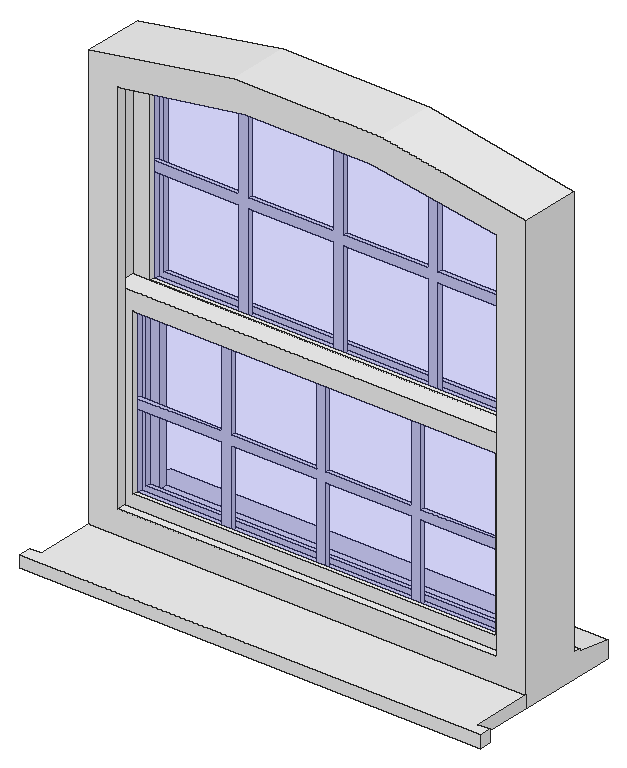
Revit family "1e99264b5da049828543108f07adb8e6", category Windows, host Wall, Revit 2025
Family settings
  Host = Wall
  Always vertical = Yes
  Cut with Voids When Loaded = No
  Shared = No
  Room Calculation Point = No
Parameters (values of type "910x910mm")
  Wrap Layers (Ext) from Ext = 102.5 mm
  Wrap Layers (Int) from Ext = 177.5 mm
  Window Board Projection = 25.0 mm
  Window Board Extension = 25.0 mm
  Visual Light Transmittance = 0.9
  Vis - Glazing Bars = yes
  Vis - Cavity Closers = yes
  Solar Heat Gain Coefficient = 0.78
  Radius Sash = Radius Arch - 40.0 mm  # 1760.0 mm
  Rough Width = Width  # 910.0 mm
  Rough Height = Height  # 910.0 mm
  Operation = "DoublePanelHorizontal"
  Define Thermal Properties by = Schematic Type
  Construction Type Id = "GSP4R"
  Material Trim = Window Frame
  Material Glazing Bars = Window Frame
  Material Glass = Glass
  Material Frame = Window Frame
  Manufacturer = "Revit"
  Keynote = "L10"
  Height = 910.0 mm
  Wall Closure = By host
  Width = 910.0 mm
  Heat Transfer Coefficient (U) = 3.6886 W/(m²·K)
  Glazing Thickness = 24.0 mm
  Glazing Bar Thickness = 20.0 mm
  FrameOffset - External = 68.0 mm
  Frame Depth = 90.0 mm
  Default Head Height = 2110.0 mm
  Cill Depth = 87.5 mm
  Cavity Closer Width = 50.0 mm
  Cavity Closer Offset from Ext = 102.5 mm
  Radius Arch = 1800.0 mm
  Cavity Closer Depth = 85.0 mm
  Analytic Construction = "1/8 in Pilkington single glazing"
Types (7, lengths in mm): name | Rough Width | Rough Height | Height | Width
  (no name) | 910.0 | 910.0 | 910.0 | 910.0
  910x910mm | 910.0 | 910.0 | 910.0 | 910.0
  910x1210mm | 910.0 | 1210.0 | 1210.0 | 910.0
  1360x910mm | 1360.0 | 910.0 | 910.0 | 1360.0
  1360x1210mm | 1360.0 | 1210.0 | 1210.0 | 1360.0
  1810x910mm | 1810.0 | 910.0 | 910.0 | 1810.0
  1810x1210mm | 1810.0 | 1210.0 | 1210.0 | 1810.0
Reference planes
  plane 1: y = 0
  plane 2 "Center (Left/Right)": x = -435
  plane 3 "Left": x = -890
  plane 4 "Right": x = 20
  plane 5 "Cill": z = 1200
  plane 6 "Head": z = 2110
  plane 7 "Exterior": y = 158.457
  plane 8 "Interior": y = -141.543
  plane 9 "Back of Window": y = 0.457
  plane 10 "Wall Closure": y = 55.957
  plane 11 "Front Cill": y = 195.957
  plane 12 "Front Window Board": y = -166.543
  plane 13 "RHS Window Board": x = 45
  plane 14 "LHS Window Board": x = -915
  plane 15 "Ext Leaf Back": y = 55.957
  plane 16 "Face Window": y = 108.457
  plane 17 "Front of Window": y = 90.457
  plane 18 "C/L window": y = 45.457
  plane 19: z = 1655
  plane 20: y = 22.957
  plane 21: y = 67.957
  plane 22: x = -237.5
  plane 23: x = -435
  plane 24: x = -632.5
  plane 25: z = 1882.5
  plane 26: z = 1459
  plane 27: z = 1263
  plane 28: x = -830
  plane 29: x = -40
  plane 30: y = -19.043
Forms (mm)
  Extrusion 1, solid, material "Window Frame" <- "Material Trim", detail levels medium+fine
    sketch origin (0, 0, 1200) x (0, -1, 0) y (-1, 0, 0)
      loop
        line (141.543, 915) -> (141.543, 890) -> (17.543, 890) -> (17.543, -20) -> (141.543, -20) -> (141.543, -45) -> (166.543, -45) -> (166.543, 915) -> (141.543, 915)
    from 0 to -25
  Extrusion 2, solid, material "Window Frame" <- "Material Frame"
    sketch origin (-435, 0, 0) x (0, 1, 0) y (0, 0, 1)
      loop
        line (-17.543, 1200) -> (195.957, 1200) -> (195.957, 1233.809) -> (123.457, 1246.555) -> (123.457, 1250.271) -> (108.457, 1251) -> (108.457, 1263) -> (0.457, 1263) -> (0.457, 1275) -> (-17.543, 1275) -> (-17.543, 1200)
    from 455 to -455
  Sweep 3, solid, material "Window Frame" <- "Material Frame"
    path origin (0, 0.457, 0) x (1, 0, 0) y (0, 0, 1)
      loop
        line (-890, 1263) -> (-890, 2110)
        arc (-890, 2110) -> (-435, 2168.456) -> (20, 2110) r 1800
        line (20, 2110) -> (20, 1263)
    profile origin (0, 0, 1686.5) x (-1, 0, 0) y (0, -1, 0)
      loop
        line (890, 17.543) -> (830, 17.543) -> (830, -0.457) -> (850, -0.457) -> (850, -90.457) -> (830, -90.457) -> (830, -108.457) -> (890, -108.457) -> (890, 17.543)
  Sweep 4, solid, material "Window Frame" <- "Material Frame"
    path origin (0, 0.457, 0) x (1, 0, 0) y (0, 0, 1)
      loop
        line (-10, 1690) -> (-860, 1690) -> (-860, 1253) -> (-10, 1253) -> (-10, 1690)
    profile origin (0, 0, 1471.5) x (0, -1, 0) y (1, 0, 0)
      loop
        line (-0.457, -850) -> (-0.457, -812.929) -> (-10.957, -812.929) -> (-10.957, -822.929) -> (-34.957, -822.929) -> (-34.957, -812.929) -> (-45.457, -812.929) -> (-45.457, -850) -> (-0.457, -850)
  Sweep 5, solid, material "Window Frame" <- "Material Frame"
    path origin (0, 90.457, 0) x (1, 0, 0) y (0, 0, 1)
      loop
        line (-10, 1632.5) -> (-10, 2080)
        arc (-10, 2080) -> (-435, 2132.085) -> (-860, 2080) r 1760
        line (-860, 2080) -> (-860, 1632.5) -> (-10, 1632.5)
    profile origin (0, 0, 1856.25) x (0, -1, 0) y (1, 0, 0)
      loop
        line (-45.457, -850) -> (-45.457, -812.929) -> (-55.957, -812.929) -> (-55.957, -822.929) -> (-79.957, -822.929) -> (-79.957, -812.929) -> (-90.457, -812.929) -> (-90.457, -850) -> (-45.457, -850)
  Extrusion 6, solid, material "Window Frame" <- "Material Glazing Bars", visible <- "Vis - Glazing Bars"
    sketch origin (0, 22.957, 0) x (1, 0, 0) y (0, 0, 1)
      loop
        line (-47.071, 1449) -> (-47.071, 1469) -> (-227.5, 1469) -> (-227.5, 1652.929) -> (-247.5, 1652.929) -> (-247.5, 1469) -> (-425, 1469) -> (-425, 1652.929) -> (-445, 1652.929) -> (-445, 1469) -> (-622.5, 1469) -> (-622.5, 1652.929) -> (-642.5, 1652.929) -> (-642.5, 1469) -> (-822.929, 1469) -> (-822.929, 1449) -> (-642.5, 1449) -> (-642.5, 1290.071) -> (-622.5, 1290.071) -> (-622.5, 1449) -> (-445, 1449) -> (-445, 1290.071) -> (-425, 1290.071) -> (-425, 1449) -> (-247.5, 1449) -> (-247.5, 1290.071) -> (-227.5, 1290.071) -> (-227.5, 1449) -> (-47.071, 1449)
    from 4 to -4
  Extrusion 7, solid, material "Window Frame" <- "Material Glazing Bars", visible <- "Vis - Glazing Bars"
    sketch origin (0, 67.957, 0) x (-1, 0, 0) y (0, 0, 1)
      loop
        line (227.5, 1669.571) -> (247.5, 1669.571) -> (247.5, 1872.5) -> (425, 1872.5) -> (425, 1669.571) -> (445, 1669.571) -> (445, 1872.5) -> (622.5, 1872.5) -> (622.5, 1669.571) -> (642.5, 1669.571) -> (642.5, 1872.5) -> (822.929, 1872.5) -> (822.929, 1892.5) -> (642.5, 1892.5) -> (642.5, 2082.473)
        arc (642.5, 2082.473) -> (632.503, 2083.656) -> (622.5, 2084.781) r 1722.929
        line (622.5, 2084.781) -> (622.5, 1892.5) -> (445, 1892.5) -> (445, 2094.985)
        arc (445, 2094.985) -> (435, 2095.014) -> (425, 2094.985) r 1722.929
        line (425, 2094.985) -> (425, 1892.5) -> (247.5, 1892.5) -> (247.5, 2084.781)
        arc (247.5, 2084.781) -> (237.497, 2083.656) -> (227.5, 2082.473) r 1722.929
        line (227.5, 2082.473) -> (227.5, 1892.5) -> (47.071, 1892.5) -> (47.071, 1872.5) -> (227.5, 1872.5) -> (227.5, 1669.571)
    from 4 to -4
  Extrusion 8, solid, material "Glass" <- "Material Glass"
    sketch origin (-47.071, 34.957, 1652.929) x (-1, 0, 0) y (0, 0, -1)
      loop
        line (0, 0) -> (775.858, 0) -> (775.858, 362.858) -> (0, 362.858) -> (0, 0)
    from 0 to 24 <- "Glazing Thickness"
  Extrusion 9, solid, material "Glass" <- "Material Glass"
    sketch origin (-435, 79.957, 372.085) x (0.241477, 0, 0.970406) y (-0.970406, 0, 0.241477)
      loop
        arc (1722.686, 28.916) -> (1671.941, 416.048) -> (1535.334, 781.814) r 1722.929
        line (1535.334, 781.814) -> (1165.413, 689.762) -> (1352.765, -63.135) -> (1722.686, 28.916)
    from 0 to 24 <- "Glazing Thickness"
Cuts and joins
  joined: Extrusion 2, Sweep 3
Lines and regions (mm)
  Opening 1
    outline origin (-5000, -141.543, 0) x (1, 0, 0) y (0, 0, 1)
      loop
        line (5020, 1200) -> (5020, 2110)
        arc (5020, 2110) -> (4565, 2168.456) -> (4110, 2110) r 1800
        line (4110, 2110) -> (4110, 1200) -> (5020, 1200)
  Masking region 1
    outline origin (0, 0, 1200) x (0, -1, 0) y (1, 0, 0)
      loop
        line (17.543, -890) -> (17.543, 20) -> (-195.957, 20) -> (-195.957, -890) -> (17.543, -890)
  Masking region 2, detail levels medium+fine
    outline origin (0, 0, 1200) x (0, -1, 0) y (1, 0, 0)
      loop
        line (17.543, -890) -> (141.543, -890) -> (141.543, -915) -> (166.543, -915) -> (166.543, 45) -> (141.543, 45) -> (141.543, 20) -> (17.543, 20) -> (17.543, -890)
  symbolic lines, style "WindowsFrameMullionProjection", detail levels coarse
    curve 1: line (20, 0, 2110) -> (20, 0, 1253)
    curve 2: line (20, 0, 1253) -> (-890, 0, 1253)
    curve 3: line (-890, 0, 1253) -> (-890, 0, 2110)
    curve 4: line (-865, 0, 1233.809) -> (-5, 0, 1233.809)
    curve 83: arc (-890, 0, 2110) -> (-435, 0, 2168.456) -> (20, 0, 2110) r 1800
  symbolic lines, style "Windows"
    curve 5: line (-890, -17.543, 0) -> (20, -17.543, 0)
    curve 6: line (-890, 108.457, 0) -> (-890, -17.543, 0)
    curve 7: line (20, 108.457, 0) -> (-890, 108.457, 0)
    curve 8: line (20, -17.543, 0) -> (20, 108.457, 0)
    curve 9: line (-830, -17.543, 0) -> (-830, 108.457, 0)
    curve 10: line (-40, -17.543, 0) -> (-40, 108.457, 0)
    curve 11: line (-830, 45.457, 0) -> (-40, 45.457, 0)
  symbolic lines, style "Cavity Closer", visible <- "Vis - Cavity Closers", detail levels medium+fine
    curve 12: line (-890, 55.957, 0) -> (-940, 55.957, 0)
    curve 13: line (-890, -29.043, 0) -> (-890, 55.957, 0)
    curve 14: line (-940, -29.043, 0) -> (-890, -29.043, 0)
    curve 15: line (-940, 55.957, 0) -> (-940, -29.043, 0)
    curve 16: line (-890, -29.043, 0) -> (-940, 55.957, 0)
    curve 17: line (-940, -29.043, 0) -> (-890, 55.957, 0)
    curve 18: line (20, 55.957, 0) -> (70, 55.957, 0)
    curve 19: line (20, -29.043, 0) -> (20, 55.957, 0)
    curve 20: line (70, -29.043, 0) -> (20, -29.043, 0)
    curve 21: line (70, 55.957, 0) -> (70, -29.043, 0)
    curve 22: line (20, -29.043, 0) -> (70, 55.957, 0)
    curve 23: line (70, -29.043, 0) -> (20, 55.957, 0)
  symbolic lines, style "InvisibleLines", detail levels coarse
    curve 24: line (-47.071, 0, 1652.929) -> (-47.071, 0, 1290.071)
    curve 25: line (-822.929, 0, 1290.071) -> (-822.929, 0, 1652.929)
    curve 26: line (-47.071, 0, 1290.071) -> (-822.929, 0, 1290.071)
    curve 27: line (-822.929, 0, 1652.929) -> (-47.071, 0, 1652.929)
    curve 28: line (-47.071, 0, 1669.571) -> (-822.929, 0, 1669.571)
    curve 29: line (-47.071, 0, 2053.293) -> (-47.071, 0, 1669.571)
    curve 30: line (-822.929, 0, 1669.571) -> (-822.929, 0, 2053.293)
    curve 31: arc (-822.929, 0, 2053.293) -> (-435, 0, 2097.425) -> (-47.071, 0, 2053.293) r 1727.055
  symbolic lines, style "Glazing Bars", visible <- "Vis - Glazing Bars", detail levels coarse
    curve 32: line (-237.5, 0, 1300.071) -> (-237.5, 0, 1642.5)
    curve 33: line (-435, 0, 1300.071) -> (-435, 0, 1642.5)
    curve 34: line (-632.5, 0, 1300.071) -> (-632.5, 0, 1642.5)
    curve 35: line (-57.071, 0, 1459) -> (-812.929, 0, 1459)
    curve 36: line (-237.5, 0, 1679.571) -> (-237.5, 0, 2101.311)
    curve 37: line (-435, 0, 1679.571) -> (-435, 0, 2127.786)
    curve 38: line (-632.5, 0, 1679.571) -> (-632.5, 0, 2101.311)
    curve 39: line (-57.071, 0, 1882.5) -> (-812.929, 0, 1882.5)
  symbolic lines, style "Glazing Bars", visible <- "Vis - Glazing Bars", detail levels medium+fine
    curve 40: line (-227.5, 0, 1892.5) -> (-57.071, 0, 1892.5)
    curve 41: line (-57.071, 0, 1872.5) -> (-227.5, 0, 1872.5)
    curve 42: line (-227.5, 0, 2099.501) -> (-227.5, 0, 1892.5)
    curve 43: line (-227.5, 0, 1872.5) -> (-227.5, 0, 1680)
    curve 44: line (-247.5, 0, 1680) -> (-247.5, 0, 1872.5)
    curve 45: line (-247.5, 0, 1892.5) -> (-247.5, 0, 2103.059)
    curve 46: line (-425, 0, 1892.5) -> (-247.5, 0, 1892.5)
    curve 47: line (-247.5, 0, 1872.5) -> (-425, 0, 1872.5)
    curve 48: line (-425, 0, 1872.5) -> (-425, 0, 1680)
    curve 49: line (-445, 0, 1680) -> (-445, 0, 1872.5)
    curve 50: line (-425, 0, 2127.757) -> (-425, 0, 1892.5)
    curve 51: line (-445, 0, 1892.5) -> (-445, 0, 2127.757)
    curve 52: line (-622.5, 0, 1892.5) -> (-445, 0, 1892.5)
    curve 53: line (-445, 0, 1872.5) -> (-622.5, 0, 1872.5)
    curve 54: line (-622.5, 0, 2103.059) -> (-622.5, 0, 1892.5)
    curve 55: line (-642.5, 0, 1892.5) -> (-642.5, 0, 2099.501)
    curve 56: line (-812.929, 0, 1892.5) -> (-642.5, 0, 1892.5)
    curve 57: line (-642.5, 0, 1872.5) -> (-812.929, 0, 1872.5)
    curve 58: line (-622.5, 0, 1872.5) -> (-622.5, 0, 1679.571)
    curve 59: line (-642.5, 0, 1680) -> (-642.5, 0, 1872.5)
    curve 60: line (-227.5, 0, 1642.929) -> (-227.5, 0, 1469)
    curve 61: line (-247.5, 0, 1469) -> (-247.5, 0, 1642.5)
    curve 62: line (-227.5, 0, 1469) -> (-57.071, 0, 1469)
    curve 63: line (-57.071, 0, 1449) -> (-227.5, 0, 1449)
    curve 64: line (-227.5, 0, 1449) -> (-227.5, 0, 1300.071)
    curve 65: line (-247.5, 0, 1300.071) -> (-247.5, 0, 1449)
    curve 66: line (-247.5, 0, 1449) -> (-425, 0, 1449)
    curve 67: line (-425, 0, 1469) -> (-247.5, 0, 1469)
    curve 68: line (-425, 0, 1642.5) -> (-425, 0, 1469)
    curve 69: line (-445, 0, 1469) -> (-445, 0, 1642.5)
    curve 70: line (-425, 0, 1449) -> (-425, 0, 1300.071)
    curve 71: line (-445, 0, 1300.071) -> (-445, 0, 1449)
    curve 72: line (-445, 0, 1449) -> (-622.5, 0, 1449)
    curve 73: line (-622.5, 0, 1469) -> (-445, 0, 1469)
    curve 74: line (-622.5, 0, 1642.5) -> (-622.5, 0, 1469)
    curve 75: line (-642.5, 0, 1469) -> (-642.5, 0, 1642.5)
    curve 76: line (-622.5, 0, 1449) -> (-622.5, 0, 1300.071)
    curve 77: line (-642.5, 0, 1300.071) -> (-642.5, 0, 1449)
    curve 78: line (-642.5, 0, 1449) -> (-812.929, 0, 1449)
    curve 79: line (-812.929, 0, 1469) -> (-642.5, 0, 1469)
  symbolic lines, style "WindowsSillHeadProjection"
    curve 80: line (20, 195.957, 0) -> (-890, 195.957, 0)
    curve 81: line (-890, 195.957, 0) -> (-890, 158.457, 0)
    curve 82: line (20, 158.457, 0) -> (20, 195.957, 0)
Text (mm)
  text "EXTERIOR" at (-1415.209, 454.062, 0), in view "Ref. Level"
  text "INTERIOR" at (-1415.209, -367.981, 0), in view "Ref. Level"
  text "Exterior" at (0, 923.751, 2943.296), in view "Right"
  text "Exterior" at (0, 1040.484, 2685.409), in view "Left"
Dimensions and locks
  equal spacing: plane 3 "Left", plane 2 "Center (Left/Right)", plane 4 "Right"
  "Width": plane 3 "Left" to plane 4 "Right"
  "Height": plane 5 "Cill" to plane 6 "Head"
  "Default Head Height": plane 6 "Head" to level
  locked: plane 7 "Exterior" to host wall
  locked: plane 8 "Interior" to host wall
  "Window Board Projection": plane 12 "Front Window Board" to plane 8 "Interior"
  "Window Board Extension": plane 14 "LHS Window Board" to plane 3 "Left"
  "Window Board Extension": plane 4 "Right" to plane 13 "RHS Window Board"
  "Cavity Closer Offset from Ext": plane 15 "Ext Leaf Back" to plane 7 "Exterior"
  Extrusion 2 sketch curve to Extrusion 2 sketch curve = 12.0 mm
  equal spacing: curve 7, curve 11, curve 5
  "Cavity Closer Depth": curve 12 to curve 14
  "Cavity Closer Width": curve 15 to plane 3 "Left"
  "Cavity Closer Depth": curve 18 to curve 20
  "Cavity Closer Width": plane 4 "Right" to curve 21
  "Cill Depth": plane 16 "Face Window" to plane 11 "Front Cill"
  "Frame Depth": plane 9 "Back of Window" to plane 17 "Front of Window"
  equal spacing: plane 5 "Cill", plane 19, plane 6 "Head"
  equal spacing: plane 9 "Back of Window", plane 20, plane 18 "C/L window", plane 21, plane 17 "Front of Window"
  equal spacing: Sweep 4 sketch curve, plane 20, Sweep 4 sketch curve
  "Glazing Thickness": Sweep 4 sketch curve to Sweep 4 sketch curve
  locked: Extrusion 2 sketch curve to plane 9 "Back of Window" at 18
  locked: plane 17 "Front of Window" to Sweep 3 sketch curve at 18
  "FrameOffset - External": plane 17 "Front of Window" to plane 7 "Exterior"
  locked: plane 17 "Front of Window" to Extrusion 2 sketch curve at 18
  locked: Extrusion 2 sketch curve to Extrusion 2 sketch curve at 15
  locked: plane 19 to Sweep 4 sketch curve at 35
  locked: Sweep 5 sketch curve to plane 19 at 22.5
  "Glazing Thickness": Sweep 5 sketch curve to Sweep 5 sketch curve
  locked: Sweep 5 sketch curve to Sweep 5 sketch curve at 10
  Sweep 5 sketch curve to Sweep 5 sketch curve = 37.071 mm
  equal spacing: Sweep 5 sketch curve, plane 21, Sweep 5 sketch curve
  "Cill Depth": Extrusion 2 sketch curve to Extrusion 2 sketch curve
  equal spacing: plane 19, plane 25, plane 6 "Head"
  equal spacing: Extrusion 6 sketch curve, plane 22, Extrusion 6 sketch curve
  "Glazing Bar Thickness": Extrusion 6 sketch curve to Extrusion 6 sketch curve  (x4)
  equal spacing: Extrusion 6 sketch curve, plane 26, Extrusion 6 sketch curve
  equal spacing: Extrusion 6 sketch curve, plane 24, Extrusion 6 sketch curve
  equal spacing: Extrusion 6 sketch curve, plane 2 "Center (Left/Right)", Extrusion 6 sketch curve
  locked: plane 5 "Cill" to plane 27 at 63
  equal spacing: plane 27, plane 26, plane 19
  Extrusion 6 to Extrusion 6 = 8.0 mm
  equal spacing: Extrusion 7 sketch curve, plane 22, Extrusion 7 sketch curve
  "Glazing Bar Thickness": Extrusion 7 sketch curve to Extrusion 7 sketch curve  (x4)
  equal spacing: Extrusion 7 sketch curve, plane 23, Extrusion 7 sketch curve
  equal spacing: Extrusion 7 sketch curve, plane 24, Extrusion 7 sketch curve
  equal spacing: Extrusion 7 sketch curve, plane 25, Extrusion 7 sketch curve
  Extrusion 7 to Extrusion 7 = 8.0 mm
  locked: plane 3 "Left" to plane 28 at 60
  locked: plane 29 to plane 4 "Right" at 60
  equal spacing: plane 28, plane 24, plane 23, plane 22, plane 29
  "Wrap Layers (Ext) from Ext": plane 10 "Wall Closure" to plane 7 "Exterior"
  "Wrap Layers (Int) from Ext": plane 30 to plane 7 "Exterior"
  "Radius Arch": radius of Sweep 3 sketch curve
  "Radius Sash": radius of Sweep 5 sketch curve
  aligned and locked: plane 3 "Left" to Extrusion 1 sketch curve
  aligned and locked: Extrusion 1 sketch curve to plane 8 "Interior"  (x2)
  aligned and locked: Extrusion 1 sketch curve to plane 13 "RHS Window Board"
  aligned and locked: Extrusion 1 to plane 12 "Front Window Board"
  aligned and locked: plane 14 "LHS Window Board" to Extrusion 1 sketch curve
  aligned and locked: Extrusion 2 sketch curve to plane 5 "Cill"
  aligned and locked: plane 3 "Left" to Extrusion 2
  aligned and locked: Extrusion 2 to plane 4 "Right"
  aligned and locked: Sweep 3 to curve 9
  aligned and locked: curve 10 to Sweep 3
  aligned and locked: plane 3 "Left" to nested 1
  aligned and locked: curve 13 to plane 3 "Left"
  aligned and locked: plane 4 "Right" to nested 2
  aligned and locked: curve 19 to plane 4 "Right"
  aligned and locked: Sweep 3 sketch curve to Sweep 3 sketch curve
  aligned and locked: Sweep 3 sketch curve to plane 17 "Front of Window"
  aligned and locked: Sweep 3 sketch curve to plane 9 "Back of Window"
  aligned and locked: Sweep 4 sketch curve to plane 18 "C/L window"
  aligned and locked: plane 9 "Back of Window" to Extrusion 2 sketch curve
  aligned and locked: plane 18 "C/L window" to Sweep 5 sketch curve
  aligned and locked: Sweep 5 sketch curve to plane 17 "Front of Window"
  aligned and locked: Sweep 5 sketch curve to Sweep 5 sketch curve
  aligned and locked: Extrusion 6 sketch curve to Extrusion 6 sketch curve  (x12)
  aligned and locked: Extrusion 7 sketch curve to Extrusion 7 sketch curve  (x12)
  aligned and locked: curve 33 to plane 2 "Center (Left/Right)"
  aligned and locked: plane 26 to curve 35
  aligned and locked: curve 37 to plane 2 "Center (Left/Right)"
  aligned and locked: plane 25 to curve 39
  aligned and locked: curve 40 to Extrusion 7
  aligned and locked: Extrusion 7 to curve 41
  aligned and locked: curve 42 to Extrusion 7
  aligned and locked: curve 43 to Extrusion 7
  aligned and locked: Extrusion 7 to curve 44
  aligned and locked: curve 45 to Extrusion 7
  aligned and locked: curve 46 to Extrusion 7
  aligned and locked: curve 47 to Extrusion 7
  aligned and locked: curve 48 to Extrusion 7
  aligned and locked: Extrusion 7 to curve 49
  aligned and locked: curve 50 to Extrusion 7
  aligned and locked: curve 51 to Extrusion 7
  aligned and locked: curve 52 to Extrusion 7
  aligned and locked: curve 53 to Extrusion 7
  aligned and locked: curve 54 to Extrusion 7
  aligned and locked: curve 55 to Extrusion 7
  aligned and locked: Extrusion 7 to curve 56
  aligned and locked: curve 57 to Extrusion 7
  aligned and locked: curve 58 to Extrusion 7
  aligned and locked: Extrusion 7 to curve 59
  aligned and locked: Extrusion 6 to curve 60
  aligned and locked: curve 61 to Extrusion 6
  aligned and locked: curve 62 to Extrusion 6
  aligned and locked: Extrusion 6 to curve 63
  aligned and locked: curve 64 to Extrusion 6
  aligned and locked: Extrusion 6 to curve 65
  aligned and locked: curve 66 to Extrusion 6
  aligned and locked: curve 67 to Extrusion 6
  aligned and locked: Extrusion 6 to curve 68
  aligned and locked: curve 69 to Extrusion 6
  aligned and locked: curve 70 to Extrusion 6
  aligned and locked: Extrusion 6 to curve 71
  aligned and locked: curve 72 to Extrusion 6
  aligned and locked: curve 73 to Extrusion 6
  aligned and locked: Extrusion 6 to curve 74
  aligned and locked: curve 75 to Extrusion 6
  aligned and locked: curve 76 to Extrusion 6
  aligned and locked: Extrusion 6 to curve 77
  aligned and locked: curve 78 to Extrusion 6
  aligned and locked: Extrusion 6 to curve 79
  aligned and locked: curve 80 to cut or joined group of Extrusion 2, Sweep 3
  aligned and locked: curve 81 to cut or joined group of Extrusion 2, Sweep 3
  aligned and locked: cut or joined group of Extrusion 2, Sweep 3 to curve 82
  aligned and locked: curve 3 to plane 3 "Left"
  aligned and locked: plane 4 "Right" to curve 1
  aligned and locked: curve 83 to cut or joined group of Extrusion 2, Sweep 3
  aligned and locked: Extrusion 9 sketch curve to Sweep 5
  aligned and locked: Extrusion 7 sketch curve to Extrusion 9  (x3)
  aligned and locked: Opening 1 sketch curve to curve 83
  aligned and locked: plane 15 "Ext Leaf Back" to nested 2
  aligned and locked: curve 18 to plane 15 "Ext Leaf Back"
  aligned and locked: nested 1 to plane 15 "Ext Leaf Back"
  aligned and locked: plane 15 "Ext Leaf Back" to curve 12
  aligned and locked: plane 3 "Left" to Masking region 1 sketch curve
  aligned and locked: plane 4 "Right" to Masking region 1 sketch curve
  aligned and locked: plane 11 "Front Cill" to Masking region 1 sketch curve
  aligned and locked: Masking region 1 sketch curve to Extrusion 1
  aligned and locked: curve 5 to Extrusion 1
  aligned and locked: Masking region 2 sketch curve to plane 3 "Left"
  aligned and locked: plane 4 "Right" to Masking region 2 sketch curve
  aligned and locked: Masking region 2 sketch curve to Extrusion 1
  aligned and locked: Masking region 2 sketch curve to plane 12 "Front Window Board"
  aligned and locked: plane 13 "RHS Window Board" to Masking region 2 sketch curve
  aligned and locked: Masking region 2 sketch curve to plane 14 "LHS Window Board"
Automatic sketch dimensions
  Extrusion 1 sketch curve to plane 4 "Right" = 0.0 mm
  plane 9 "Back of Window" to Extrusion 1 sketch curve = 18.0 mm
  Extrusion 1 sketch curve to plane 12 "Front Window Board" = 0.0 mm
  Sweep 3 sketch curve to profile plane = 0.0 mm
  profile plane to Sweep 3 sketch curve = 40.0 mm
  plane 9 "Back of Window" to Sweep 3 sketch curve = 18.0 mm
  Sweep 3 sketch curve to Sweep 3 sketch curve = 20.0 mm
  Sweep 4 sketch curve to plane 9 "Back of Window" = 0.0 mm
  Sweep 4 sketch curve to profile plane = 10.0 mm
  Sweep 4 sketch curve to Sweep 4 sketch curve = 27.071 mm
  Sweep 4 sketch curve to Sweep 4 sketch curve = 10.0 mm  (x2)
  Extrusion 2 sketch curve to plane 5 "Cill" = 33.809 mm
  Extrusion 2 sketch curve to plane 5 "Cill" = 46.555 mm
  Extrusion 2 sketch curve to Extrusion 2 sketch curve = 3.716 mm
  Extrusion 2 sketch curve to Extrusion 2 sketch curve = 0.729 mm
  Extrusion 2 sketch curve to Extrusion 2 sketch curve = 12.0 mm
  Sweep 4 sketch curve to plane 3 "Left" = 30.0 mm
  plane 4 "Right" to Sweep 4 sketch curve = 30.0 mm
  Sweep 4 sketch curve to plane 5 "Cill" = 53.0 mm
  Sweep 5 sketch curve to profile plane = 10.0 mm
  Sweep 5 sketch curve to plane 2 "Center (Left/Right)" = 0.0 mm
  Sweep 5 sketch curve to plane 3 "Left" = 30.0 mm
  plane 6 "Head" to Sweep 5 sketch curve = 30.0 mm  (x2)
  Sweep 3 sketch curve to plane 3 "Left" = 0.0 mm
  Sweep 3 sketch curve to plane 2 "Center (Left/Right)" = 0.0 mm
  Sweep 3 sketch curve to plane 4 "Right" = 0.0 mm
  Sweep 3 sketch curve to plane 6 "Head" = 0.0 mm
  Sweep 3 sketch curve to plane 5 "Cill" = 63.0 mm  (x2)
  curve 38 to plane 24 = 0.0 mm
  curve 36 to plane 22 = 0.0 mm
  curve 34 to plane 24 = 0.0 mm
  curve 32 to plane 22 = 0.0 mm
  curve 37 to curve 51 = 0.029 mm
  curve 37 to curve 50 = 0.029 mm
  plane 6 "Head" to curve 45 = 6.941 mm
  plane 6 "Head" to curve 54 = 6.941 mm
  plane 6 "Head" to curve 42 = 10.499 mm
  plane 6 "Head" to curve 55 = 10.499 mm
  curve 49 to curve 37 = 0.429 mm
  curve 48 to curve 37 = 0.429 mm
  curve 59 to curve 38 = 0.429 mm
  curve 43 to curve 36 = 0.429 mm
  curve 44 to curve 36 = 0.429 mm
  curve 58 to curve 38 = 0.0 mm
  plane 19 to curve 60 = 12.071 mm
  plane 19 to curve 74 = 12.5 mm
  plane 19 to curve 61 = 12.5 mm
  plane 19 to curve 68 = 12.5 mm
  plane 19 to curve 69 = 12.5 mm
  plane 19 to curve 75 = 12.5 mm
  curve 70 to curve 33 = 0.0 mm
  curve 71 to curve 33 = 0.0 mm
  curve 65 to curve 32 = 0.0 mm
  curve 64 to curve 32 = 0.0 mm
  curve 77 to curve 34 = 0.0 mm
  curve 76 to curve 34 = 0.0 mm
  plane 27 to curve 2 = 10.0 mm
  curve 2 to curve 4 = 19.191 mm
  curve 57 to curve 39 = 0.0 mm
  curve 35 to curve 79 = 0.0 mm
  curve 35 to curve 78 = 0.0 mm
  curve 56 to curve 39 = 0.0 mm
  curve 63 to curve 35 = 0.0 mm
  curve 62 to curve 35 = 0.0 mm
  curve 40 to curve 39 = 0.0 mm
  curve 41 to curve 39 = 0.0 mm
  curve 7 to plane 3 "Left" = 0.0 mm
  curve 8 to plane 4 "Right" = 0.0 mm
  curve 7 to plane 16 "Face Window" = 0.0 mm
  curve 81 to host wall = 0.0 mm
  curve 82 to host wall = 0.0 mm
  plane 6 "Head" to curve 36 = 8.689 mm
  curve 51 to plane 6 "Head" = 17.757 mm
  plane 6 "Head" to curve 38 = 8.689 mm
  curve 57 to plane 3 "Left" = 77.071 mm
  curve 59 to plane 19 = 25.0 mm
  curve 48 to plane 19 = 25.0 mm
  curve 43 to plane 19 = 25.0 mm
  plane 4 "Right" to curve 39 = 77.071 mm
  plane 4 "Right" to curve 63 = 77.071 mm
  curve 65 to plane 27 = 37.071 mm
  curve 70 to plane 27 = 37.071 mm
  curve 77 to plane 27 = 37.071 mm
  curve 35 to plane 3 "Left" = 77.071 mm
  curve 34 to curve 75 = 0.0 mm
  curve 33 to curve 68 = 0.0 mm
  curve 32 to curve 61 = 0.0 mm
  plane 19 to curve 27 = 2.071 mm
  plane 28 to curve 25 = 7.071 mm
  curve 25 to plane 27 = 27.071 mm
  curve 27 to plane 29 = 7.071 mm
  plane 28 to Extrusion 6 sketch curve = 7.071 mm
  Extrusion 6 sketch curve to plane 29 = 7.071 mm
  Extrusion 6 sketch curve to plane 27 = 27.071 mm  (x3)
  plane 19 to Extrusion 6 sketch curve = 2.071 mm  (x3)
  curve 31 to plane 2 "Center (Left/Right)" = 0.0 mm
  curve 31 to plane 29 = 7.071 mm
  plane 6 "Head" to curve 31 = 56.707 mm
  plane 28 to curve 31 = 7.071 mm
  curve 30 to plane 19 = 14.571 mm
  curve 31 to curve 83 = 1.914 mm
  Extrusion 7 sketch curve to plane 29 = 7.071 mm
  plane 28 to Extrusion 7 sketch curve = 7.071 mm
  Extrusion 7 sketch curve to plane 19 = 14.571 mm  (x3)
  Extrusion 8 sketch curve to plane 29 = 7.071 mm
  plane 28 to Extrusion 8 sketch curve = 7.071 mm
  plane 19 to Extrusion 8 sketch curve = 2.071 mm
  Extrusion 8 sketch curve to plane 27 = 27.071 mm
  plane 28 to Extrusion 9 sketch curve = 7.071 mm  (x2)
  Extrusion 9 sketch curve to plane 29 = 7.071 mm
  Extrusion 9 sketch curve to plane 19 = 14.571 mm
  plane 4 "Right" to curve 4 = 25.0 mm
  curve 4 to plane 3 "Left" = 25.0 mm
  Opening 1 sketch curve to plane 3 "Left" = 0.0 mm
  Opening 1 sketch curve to plane 5 "Cill" = 0.0 mm
  Opening 1 sketch curve to plane 4 "Right" = 0.0 mm
  host wall to Masking region 2 sketch curve = 0.0 mm  (x2)
Nested families
  nested 1: "Cavity Closer" at (-940, 55.957, 0), visible <- "Vis - Cavity Closers", type "Cavity Closer", detail levels medium+fine
  nested 2: "Cavity Closer" at (70, 55.957, 0) x (-1, 0, 0) z (0, 0, 1), visible <- "Vis - Cavity Closers", type "Cavity Closer", detail levels medium+fine
Definition of nested family "Cavity Closer"
  Parameters
    Closer Width = 50.0 mm
    Closer Depth = 75.0 mm
  Reference planes
    plane 1 "Center (Front/Back)": y = 0
    plane 2: z = 0
    plane 3 "Center (Left/Right)": x = 0
    plane 4: x = 50, in view "Ref. Level"
    plane 5: y = -75, in view "Ref. Level"
  Lines and regions (mm)
    Masking region 1, in view "Ref. Level"
      outline origin (0, 0, 0) x (1, 0, 0) y (0, 1, 0)
        loop
          line (0, 0) -> (0, -75) -> (50, -75) -> (50, 0) -> (0, 0)
  Dimensions and locks
    "Closer Width": plane 3 "Center (Left/Right)" to plane 4
    "Closer Depth": plane 5 to plane 1 "Center (Front/Back)"
  Automatic sketch dimensions
    Masking region 1 sketch curve to plane 3 "Center (Left/Right)" = 0.0 mm
    Masking region 1 sketch curve to plane 4 = 0.0 mm
    Masking region 1 sketch curve to plane 5 = 0.0 mm
    Masking region 1 sketch curve to plane 1 "Center (Front/Back)" = 0.0 mm
